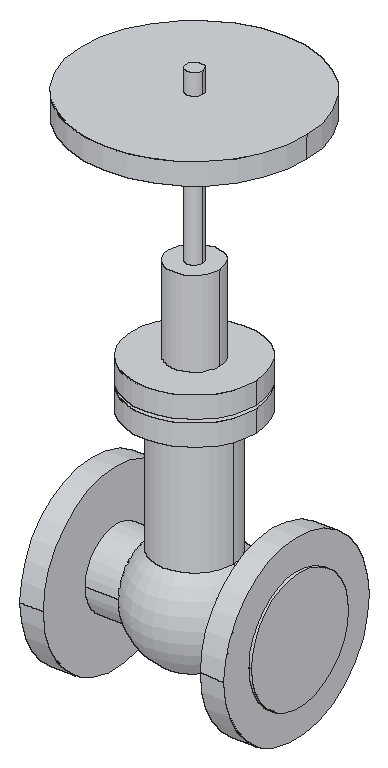
Revit family "Válvula de passagem - 50-400 mm - Flangeada", category Acessórios do tubo, Revit 2019
Family settings
  Cota do conector redondo = Usar raio
  Tipo de parte = Válvula - Quebra entre
  Com base no plano de trabalho = Não
  Sempre na vertical = Sim
  Corte com vazios quando carregada = Não
  Compartilhado = Não
Parameters (values of type "50 mm")
  Material da válvula = none
  Comprimento da válvula = 178 mm
  Altura da válvula = 400 mm
  Comprimento do símbolo = Comprimento da válvula / 2 * tan(30.00°)  # 51.384 mm
  Raio do tronco = Diâmetro do tronco / 2  # 7 mm
  Altura do tronco = Altura da chapeleta * 1.5  # 109.091 mm
  Diâmetro do tronco = Diâmetro do recobrimento / 7.5  # 14 mm
  Espessura da face elevada = 3 mm
  Raio da face elevada 1 = Raio da face elevada * 0.65  # 32.933 mm
  Raio da face elevada = Diâmetro da face elevada / 2  # 50.667 mm
  Diâmetro da face elevada = Diâmetro da flange * 2 / 3  # 101.333 mm
  Raio nominal = 25 mm
  Diâmetro nominal = Raio nominal * 2  # 50 mm
  Método de perda = Coeficiente K
  K Coefficient = 0.34
  Espessura da manopla = Altura da válvula / 22  # 18.182 mm
  Raio da manivela = Diâmetro da manivela / 2  # 95 mm
  Espessura da porca da manopla = Altura da válvula / 23  # 17.391 mm
  Raio da porca da manopla = Diâmetro da porca da manopla / 2  # 7 mm
  Diâmetro da porca da manopla = Diâmetro do tronco  # 14 mm
  Diâmetro da manivela = 190 mm
  Espessura do flange = 20 mm
  Raio da flange = Diâmetro da flange / 2  # 76 mm
  Diâmetro da flange = 152 mm
  Espessura do recobrimento = Altura da válvula / 22  # 18.182 mm
  Raio do recobrimento = Diâmetro do recobrimento / 2  # 52.5 mm
  Diâmetro do recobrimento = Diâmetro do corpo * 1.05  # 105 mm
  Raio da chapeleta = Raio da face elevada 1 * 0.65  # 21.407 mm
  Altura da chapeleta = Altura da válvula / 5.5  # 72.727 mm
  Diâmetro da chapeleta = Raio da chapeleta * 2  # 42.813 mm
  Raio do corpo = Diâmetro do corpo / 2  # 50 mm
  Diâmetro do corpo = Altura da válvula / 4  # 100 mm
Types (11, lengths in mm): name | Comprimento da válvula | Altura da válvula | Comprimento do símbolo | Raio do tronco | Altura do tronco | Diâmetro do tronco | Raio da face elevada 1 | Raio da face elevada | Diâmetro da face elevada | Raio nominal | Diâmetro nominal | Espessura da manopla | Raio da manivela | Espessura da porca da manopla | Raio da porca da manopla | Diâmetro da porca da manopla | Diâmetro da manivela | Espessura do flange | Raio da flange | Diâmetro da flange | Espessura do recobrimento | Raio do recobrimento | Diâmetro do recobrimento | Raio da chapeleta | Altura da chapeleta | Diâmetro da chapeleta | Raio do corpo | Diâmetro do corpo
  50 mm | 178 | 400 | 51.384 | 7 | 109.091 | 14 | 32.933 | 50.667 | 101.333 | 25 | 50 | 18.182 | 95 | 17.391 | 7 | 14 | 190 | 20 | 76 | 152 | 18.182 | 52.5 | 105 | 21.407 | 72.727 | 42.813 | 50 | 100
  65 mm | 190 | 430 | 54.848 | 7.525 | 117.273 | 15.05 | 38.567 | 59.333 | 118.667 | 32.5 | 65 | 19.545 | 95 | 18.696 | 7.525 | 15.05 | 190 | 20 | 89 | 178 | 19.545 | 56.438 | 112.875 | 25.068 | 78.182 | 50.137 | 53.75 | 107.5
  80 mm | 203 | 505 | 58.601 | 8.838 | 137.727 | 17.675 | 41.167 | 63.333 | 126.667 | 40 | 80 | 22.955 | 95 | 21.957 | 8.838 | 17.675 | 190 | 22 | 95 | 190 | 22.955 | 66.281 | 132.562 | 26.758 | 91.818 | 53.517 | 63.125 | 126.25
  100 mm | 229 | 570 | 66.107 | 9.975 | 155.455 | 19.95 | 49.617 | 76.333 | 152.667 | 50 | 100 | 25.909 | 152.5 | 24.783 | 9.975 | 19.95 | 305 | 24 | 114.5 | 229 | 25.909 | 74.812 | 149.625 | 32.251 | 103.636 | 64.502 | 71.25 | 142.5
  125 mm | 254 | 620 | 73.323 | 10.85 | 169.091 | 21.7 | 55.033 | 84.667 | 169.333 | 62.5 | 125 | 28.182 | 152.5 | 26.957 | 10.85 | 21.7 | 305 | 26 | 127 | 254 | 28.182 | 81.375 | 162.75 | 35.772 | 112.727 | 71.543 | 77.5 | 155
  150 mm | 267 | 770 | 77.076 | 13.475 | 210 | 26.95 | 60.45 | 93 | 186 | 75 | 150 | 35 | 152.5 | 33.478 | 13.475 | 26.95 | 305 | 26 | 139.5 | 279 | 35 | 101.062 | 202.125 | 39.293 | 140 | 78.585 | 96.25 | 192.5
  200 mm | 292 | 970 | 84.293 | 16.975 | 264.545 | 33.95 | 74.317 | 114.333 | 228.667 | 100 | 200 | 44.091 | 210 | 42.174 | 16.975 | 33.95 | 420 | 26 | 171.5 | 343 | 44.091 | 127.312 | 254.625 | 48.306 | 176.364 | 96.612 | 121.25 | 242.5
  250 mm | 330 | 1145 | 95.263 | 20.038 | 312.273 | 40.075 | 87.967 | 135.333 | 270.667 | 125 | 250 | 52.045 | 210 | 49.783 | 20.038 | 40.075 | 420 | 26 | 203 | 406 | 52.045 | 150.281 | 300.562 | 57.178 | 208.182 | 114.357 | 143.125 | 286.25
  300 mm | 356 | 1400 | 102.768 | 24.5 | 381.818 | 49 | 104.65 | 161 | 322 | 150 | 300 | 63.636 | 210 | 60.87 | 24.5 | 49 | 420 | 26 | 241.5 | 483 | 63.636 | 183.75 | 367.5 | 68.023 | 254.545 | 136.045 | 175 | 350
  350 mm | 381 | 1530 | 109.985 | 26.775 | 417.273 | 53.55 | 115.483 | 177.667 | 355.333 | 175 | 350 | 69.545 | 252.5 | 66.522 | 26.775 | 53.55 | 505 | 26 | 266.5 | 533 | 69.545 | 200.813 | 401.625 | 75.064 | 278.182 | 150.128 | 191.25 | 382.5
  400 mm | 406 | 1530 | 117.202 | 26.775 | 417.273 | 53.55 | 129.35 | 199 | 398 | 200 | 400 | 69.545 | 252.5 | 66.522 | 26.775 | 53.55 | 505 | 26 | 298.5 | 597 | 69.545 | 200.813 | 401.625 | 84.078 | 278.182 | 168.155 | 191.25 | 382.5
Reference planes
  plane 1 "Centro (frente/trás)": y = 0
  plane 2: z = 0
  plane 3 "Centro (direita/esquerda)": x = 0
  plane 4: z = 400
  plane 5: x = -89
  plane 6: x = 89
  plane 7: x = -86
  plane 8: x = 86
  plane 9: x = -66
  plane 10: x = 66
  plane 11: z = 50
  plane 12: z = -50
  plane 13: z = 382.609
  plane 14: z = 364.427
  plane 15: z = 255.336
  plane 16: z = 182.609
  plane 17: z = 164.427
  plane 18: z = 161.427
  plane 19: z = 143.245
  plane 20: y = 51.384
  plane 21: y = -51.384
Forms (mm)
  Extrusion 1, solid, material <- "Material da válvula", detail levels fine
    sketch origin (0, 0, 0) x (0, 1, 0) y (0, 0, 1)
      loop
        circle (0, 0) r 50.667
    from -89 to -86
  Extrusion 2, solid, material <- "Material da válvula", detail levels fine
    sketch origin (0, 0, 0) x (0, 1, 0) y (0, 0, 1)
      loop
        circle (0, 0) r 50.667
    from 86 to 89
  Extrusion 3, solid, material <- "Material da válvula", detail levels fine
    sketch origin (0, 0, 0) x (0, 1, 0) y (0, 0, 1)
      loop
        circle (0, 0) r 76
    from -86 to -66
  Extrusion 4, solid, material <- "Material da válvula", detail levels fine
    sketch origin (0, 0, 0) x (0, 1, 0) y (0, 0, 1)
      loop
        circle (0, 0) r 76
    from 66 to 86
  Revolve 5, solid, material <- "Material da válvula", detail levels fine
    sketch origin (0, 0, 0) x (1, 0, 0) y (0, 0, 1)
      loop
        line (0, 50) -> (0, -50)
        arc (0, -50) -> (50, 0) -> (0, 50) r 50
      axis (0, 50) -> (0, -50)
    angle from 0 to 360
  Extrusion 6, solid, material <- "Material da válvula", detail levels fine
    sketch origin (0, 0, 0) x (0, 1, 0) y (0, 0, 1)
      loop
        circle (0, 0) r 32.933
    from -66 to 66
  Extrusion 7, solid, material <- "Material da válvula", detail levels fine
    sketch origin (0, 0, 0) x (1, 0, 0) y (0, 1, 0)
      loop
        circle (0, 0) r 7
    from 382.609 to 400
  Extrusion 8, solid, material <- "Material da válvula", detail levels fine
    sketch origin (0, 0, 0) x (1, 0, 0) y (0, 1, 0)
      loop
        circle (0, 0) r 95
    from 364.427 to 382.609
  Extrusion 9, solid, material <- "Material da válvula", detail levels fine
    sketch origin (0, 0, 0) x (1, 0, 0) y (0, 1, 0)
      loop
        circle (0, 0) r 7
    from 255.336 to 364.427
  Extrusion 10, solid, material <- "Material da válvula", detail levels fine
    sketch origin (0, 0, 0) x (1, 0, 0) y (0, 1, 0)
      loop
        circle (0, 0) r 21.407
    from 182.609 to 255.336
  Extrusion 11, solid, material <- "Material da válvula", detail levels fine
    sketch origin (0, 0, 0) x (1, 0, 0) y (0, 1, 0)
      loop
        circle (0, 0) r 52.5
    from 164.427 to 182.609
  Extrusion 12, solid, material <- "Material da válvula", detail levels fine
    sketch origin (0, 0, 0) x (1, 0, 0) y (0, 1, 0)
      loop
        circle (0, 0) r 52.5
    from 143.245 to 161.427
  Extrusion 13, solid, material <- "Material da válvula", detail levels fine
    sketch origin (0, 0, 0) x (1, 0, 0) y (0, 1, 0)
      loop
        circle (0, 0) r 32.933
    from 0 to 164.427
Cuts and joins
  joined: Extrusion 1, Extrusion 2, Extrusion 3, Extrusion 4, Revolve 5, Extrusion 6, Extrusion 7, Extrusion 8, Extrusion 9, Extrusion 10, Extrusion 11, Extrusion 12, Extrusion 13
Lines and regions (mm)
  model lines, detail levels coarse+medium
    curve 1: line (-89, 51.384, 0) -> (89, -51.384, 0)
    curve 2: line (89, 51.384, 0) -> (-89, -51.384, 0)
    curve 3: line (-89, 51.384, 0) -> (-89, -51.384, 0)
    curve 4: line (89, 51.384, 0) -> (89, -51.384, 0)
Dimensions and locks
  "Altura da válvula": plane 4 to plane 2
  equal spacing: plane 6, plane 3 "Centro (direita/esquerda)", plane 5
  "Comprimento da válvula": plane 6 to plane 5
  "Espessura da face elevada": plane 6 to plane 8
  "Espessura da face elevada": plane 7 to plane 5
  "Espessura do flange": plane 9 to plane 7
  "Espessura do flange": plane 8 to plane 10
  "Raio do corpo": plane 11 to plane 2
  "Raio do corpo": plane 2 to plane 12
  "Espessura da manopla": plane 13 to plane 14
  "Altura do tronco": plane 14 to plane 15
  "Altura da chapeleta": plane 15 to plane 16
  "Espessura do recobrimento": plane 16 to plane 17
  locked: plane 17 to plane 18 at 3
  "Espessura do recobrimento": plane 18 to plane 19
  "Comprimento do símbolo": plane 20 to plane 1 "Centro (frente/trás)"
  "Comprimento do símbolo": plane 1 "Centro (frente/trás)" to plane 21
  "Espessura da porca da manopla": plane 4 to plane 13
  "Raio da face elevada": radius of Extrusion 1 sketch curve
  "Raio da face elevada": radius of Extrusion 2 sketch curve
  "Raio da flange": radius of Extrusion 3 sketch curve
  "Raio da flange": radius of Extrusion 4 sketch curve
  "Raio do corpo": radius of Revolve 5 sketch curve
  "Raio da face elevada 1": radius of Extrusion 6 sketch curve
  "Raio da porca da manopla": radius of Extrusion 7 sketch curve
  "Raio da manivela": radius of Extrusion 8 sketch curve
  "Raio do tronco": radius of Extrusion 9 sketch curve
  "Raio da chapeleta": radius of Extrusion 10 sketch curve
  "Raio do recobrimento": radius of Extrusion 11 sketch curve
  "Raio do recobrimento": radius of Extrusion 12 sketch curve
  "Raio da face elevada 1": radius of Extrusion 13 sketch curve
  aligned and locked: plane 2 to Extrusion 1 sketch curve
  aligned and locked: plane 1 "Centro (frente/trás)" to Extrusion 1 sketch curve
  aligned and locked: Extrusion 1 to plane 5
  aligned and locked: plane 7 to Extrusion 1
  aligned and locked: plane 2 to Extrusion 2 sketch curve
  aligned and locked: plane 1 "Centro (frente/trás)" to Extrusion 2 sketch curve
  aligned and locked: Extrusion 2 to plane 8
  aligned and locked: plane 6 to Extrusion 2
  aligned and locked: plane 2 to Extrusion 3 sketch curve
  aligned and locked: plane 1 "Centro (frente/trás)" to Extrusion 3 sketch curve
  aligned and locked: Extrusion 3 to plane 7
  aligned and locked: plane 9 to Extrusion 3
  aligned and locked: plane 2 to Extrusion 4 sketch curve
  aligned and locked: plane 1 "Centro (frente/trás)" to Extrusion 4 sketch curve
  aligned and locked: Extrusion 4 to plane 10
  aligned and locked: plane 8 to Extrusion 4
  aligned and locked: plane 2 to Revolve 5 sketch curve
  aligned and locked: plane 3 "Centro (direita/esquerda)" to Revolve 5 sketch curve
  aligned and locked: Revolve 5 sketch curve to plane 3 "Centro (direita/esquerda)"  (x2)
  aligned and locked: plane 2 to Extrusion 6 sketch curve
  aligned and locked: plane 1 "Centro (frente/trás)" to Extrusion 6 sketch curve
  aligned and locked: Extrusion 6 to plane 9
  aligned and locked: plane 10 to Extrusion 6
  aligned and locked: plane 1 "Centro (frente/trás)" to Extrusion 7 sketch curve
  aligned and locked: plane 3 "Centro (direita/esquerda)" to Extrusion 7 sketch curve
  aligned and locked: plane 4 to Extrusion 7
  aligned and locked: Extrusion 7 to plane 13
  aligned and locked: plane 1 "Centro (frente/trás)" to Extrusion 8 sketch curve
  aligned and locked: plane 3 "Centro (direita/esquerda)" to Extrusion 8 sketch curve
  aligned and locked: plane 13 to Extrusion 8
  aligned and locked: Extrusion 8 to plane 14
  aligned and locked: plane 1 "Centro (frente/trás)" to Extrusion 9 sketch curve
  aligned and locked: plane 3 "Centro (direita/esquerda)" to Extrusion 9 sketch curve
  aligned and locked: plane 14 to Extrusion 9
  aligned and locked: Extrusion 9 to plane 15
  aligned and locked: plane 1 "Centro (frente/trás)" to Extrusion 10 sketch curve
  aligned and locked: plane 3 "Centro (direita/esquerda)" to Extrusion 10 sketch curve
  aligned and locked: plane 15 to Extrusion 10
  aligned and locked: plane 16 to Extrusion 10
  aligned and locked: plane 1 "Centro (frente/trás)" to Extrusion 11 sketch curve
  aligned and locked: plane 3 "Centro (direita/esquerda)" to Extrusion 11 sketch curve
  aligned and locked: Extrusion 11 to plane 16
  aligned and locked: Extrusion 11 to plane 17
  aligned and locked: plane 1 "Centro (frente/trás)" to Extrusion 12 sketch curve
  aligned and locked: plane 3 "Centro (direita/esquerda)" to Extrusion 12 sketch curve
  aligned and locked: plane 18 to Extrusion 12
  aligned and locked: Extrusion 12 to plane 19
  aligned and locked: plane 1 "Centro (frente/trás)" to Extrusion 13 sketch curve
  aligned and locked: plane 3 "Centro (direita/esquerda)" to Extrusion 13 sketch curve
  aligned and locked: Extrusion 13 to plane 2
  aligned: plane 19 to Extrusion 13
  aligned and locked: plane 5 to curve 2
  aligned and locked: plane 20 to curve 1
  aligned and locked: plane 5 to curve 1
  aligned and locked: plane 20 to curve 2
  aligned and locked: plane 6 to curve 1
  aligned and locked: plane 21 to curve 3
  aligned and locked: plane 21 to curve 4
  aligned and locked: curve 4 to plane 6
  aligned and locked: plane 17 to cut or joined group 1 (Extrusion 1, Extrusion 2, Extrusion 3, Extrusion 4, Revolve 5, Extrusion 6, Extrusion 7, Extrusion 8, Extrusion 9, Extrusion 10, Extrusion 11, Extrusion 12, Extrusion 13)
Automatic sketch dimensions
  Revolve 5 sketch curve to plane 12 = 32.619 mm
  Revolve 5 sketch curve to Revolve 5 sketch curve = 60 mm
Connectors
  piping at (-89, 0, 0), diameter 50, driven by "Raio nominal"
    settings: on cut or joined group 1, index 1, connector inside diameter 50 mm, connector length 0 mm, flow factor 0, pipe flow 0.0 L/s, pressure drop 0.0 Pa, fitting loss kfactor 0, connector angle 0.00°, fixture units 0, engagement length 0 mm, angle of deflection 0.00°, flow configuration 0, flow direction 0, fitting loss method 0, system type 29, joint type 0, gender type 0, connector reference index 2, connector utility 0, adjustable connector no, is connector primary yes, connector description ""
  piping at (89, 0, 0), diameter 50, driven by "Raio nominal"
    settings: on cut or joined group 1, index 2, connector inside diameter 50 mm, connector length 0 mm, flow factor 0, pipe flow 0.0 L/s, pressure drop 0.0 Pa, fitting loss kfactor 0, connector angle 0.00°, fixture units 0, engagement length 0 mm, angle of deflection 0.00°, flow configuration 0, flow direction 0, fitting loss method 0, system type 29, joint type 0, gender type 0, connector reference index 1, connector utility 0, adjustable connector no, is connector primary no, connector description ""
